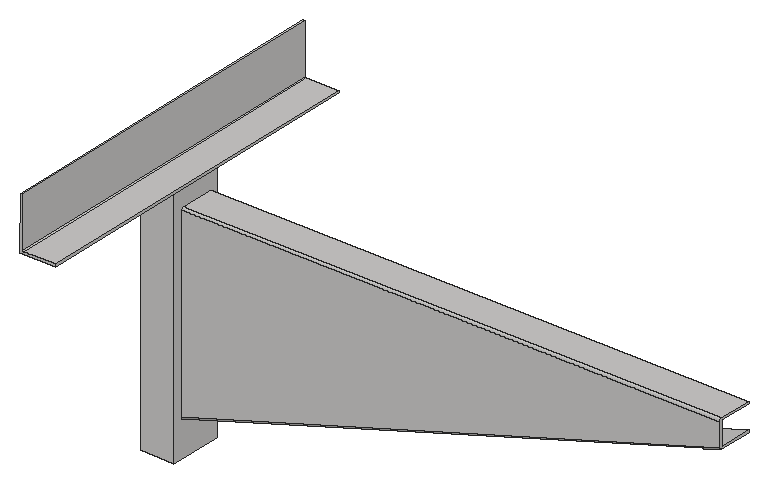
Revit family "E_Cable Tray Support_MEPcontent_OBO Bettermann_Bracket AWSS FT", category Cable Tray Fittings, Revit 2015
Parameters (values of type "AWSS 61 FT")
  Wholesaler Art. No. = ""
  Wholesaler = ""
  Watermarked By = "www.stabiplan.com"
  Width 1 = 610.00 mm
  Width = Width 1  # 610 mm
  URL = "www.stabiplan.com"
  built-in parameter 1140111 [instance] = 2.50 mm  # 0.0082021 (stored number, unit not read)
  Stabu Code = ""
  Revit Version = "2015"  # constant formula
  MEPcontent Class = "CABLE_TRAY_SUPPORT"  # constant formula
  Internal Art. No. = ""
  IFCExportType = "NOTDEFINED"  # constant formula
  IFCExportAs = "IfcCableCarrierFittingType"  # constant formula
  Function Code [instance] = ""
  Front Height = Height / 3  # 111.667 mm
  Family Version = "10.14"  # constant formula
  ETIM Article Class = "EC000022"  # constant formula
  EMCS Version = "2.0"  # constant formula
  Copyright = "© Stabiplan International BV"  # constant formula
  Content Supplier URL = ""
  CB-NL Class = ""
  Article Type = if(and(Width = 610.00 mm, Height = 335.00 mm), "AWSS 61 FT", "Unknown")  # "AWSS 61 FT"
  Product Line = "OBO BETTERMANN CableTrays"  # constant formula
  Model = if(and(Width = 610.00 mm, Height = 335.00 mm), "AWSS 61 FT", "Unknown")  # "AWSS 61 FT"
  Manufacturer = "OBO BETTERMANN"  # constant formula
  Custom [instance] = if(and(Width = 610.00 mm, Height = 335.00 mm), 1 = 0, 1 = 1)  # no
  Height 1 = 335.00 mm
  Height = Height 1  # 335 mm
  GTIN = if(and(Width = 610.00 mm, Height = 335.00 mm), "4012196340514", "Unknown")  # "4012196340514"
  Description = "Wall Bracket"
  Depth = 400.00 mm
  Manufacturer URL = "http://catalog4.obo-bettermann.com/catalogue/catalogue.do?forward=showProductGroup&act=showIO&favOid=kts_96430&action=showManyProducts&lang=nl&OID=kts_96430&catId="
  Gray = Color RGB 189-187-185
  Manufacturer Art. No. = if(and(Width = 610.00 mm, Height = 335.00 mm), "6417922", "Unknown")  # "6417922"
  Article Description = "Wall Bracket"
Reference planes
  plane 1 "Center (Front/Back)": y = 0
  plane 2: z = 0
  plane 3 "Center (Left/Right)": x = 0
  plane 4: y = 200
  plane 5: y = -200
  plane 6: x = 648
  plane 7: x = 38
  plane 8: z = 167.5
  plane 9: z = -167.5
  plane 10: z = -127.5
  plane 11: z = 55.833
  plane 12: z = 107.5
  plane 13: z = 87.5
Forms (mm)
  Extrusion 1, solid, material "Color RGB 189-187-185" <- "Gray", detail levels medium+fine
    sketch origin (0, 0, 0) x (0, 1, 0) y (0, 0, 1)
      loop
        line (30, 107.5) -> (-30, 107.5) -> (-30, -167.5) -> (30, -167.5) -> (30, 107.5)
    from 0 to 38
  SweptBlend 2, solid, material "Color RGB 189-187-185" <- "Gray", detail levels medium+fine
    path origin (0, 0, 0) x (1, 0, 0) y (0, 0, 1)
      loop
        line (38, 0) -> (648, 0)
    profile origin (38, 0, 0) x (0, 0, 1) y (0, -1, 0)
      loop
        line (-127.5, -20) -> (-125, -20) -> (-125, 17.5) -> (85, 17.5) -> (85, -20) -> (87.5, -20) -> (87.5, 17.5)
        arc (87.5, 17.5) -> (86.768, 19.268) -> (85, 20) r 2.5
        line (85, 20) -> (-125, 20)
        arc (-125, 20) -> (-126.768, 19.268) -> (-127.5, 17.5) r 2.5
        line (-127.5, 17.5) -> (-127.5, -20)
    end profile origin (648, 0, 0) x (0, 0, 1) y (0, -1, 0)
      loop
        line (55.833, -20) -> (58.333, -20) -> (58.333, 17.5) -> (85, 17.5) -> (85, -20) -> (87.5, -20) -> (87.5, 17.5)
        arc (87.5, 17.5) -> (86.768, 19.268) -> (85, 20) r 2.5
        line (85, 20) -> (58.333, 20)
        arc (58.333, 20) -> (56.566, 19.268) -> (55.833, 17.5) r 2.5
        line (55.833, 17.5) -> (55.833, -20)
  Extrusion 3, solid, material "Color RGB 189-187-185" <- "Gray", detail levels medium+fine
    sketch origin (0, 0, 0) x (1, 0, 0) y (0, 0, 1)
      loop
        line (0, 167.5) -> (0, 107.5) -> (40, 107.5) -> (40, 110) -> (3.5, 110)
        arc (3.5, 110) -> (2.793, 110.293) -> (2.5, 111) r 1
        line (2.5, 111) -> (2.5, 167.5) -> (0, 167.5)
    from -200 to 200
Lines and regions (mm)
  model lines, style "Fittings", detail levels coarse
    curve 1: line (0, 0, 87.5) -> (648, 0, 87.5)
    curve 2: line (0, 0, 87.5) -> (0, 0, -167.5)
Dimensions and locks
  equal spacing: plane 4, plane 1 "Center (Front/Back)", plane 5
  "Depth": plane 4 to plane 5
  "Height": plane 8 to plane 9
  equal spacing: plane 8, level, plane 9
  locked: plane 10 to plane 9 at 40
  locked: SweptBlend 2 sketch curve to plane 10 at 2.5
  "Front Height": plane 8 to plane 11
  locked: SweptBlend 2 sketch curve to plane 11 at 2.5
  locked: SweptBlend 2 sketch curve to SweptBlend 2 sketch curve at 2.5  (x4)
  locked: plane 8 to SweptBlend 2 sketch curve at 80  (x2)
  locked: plane 4 to SweptBlend 2 sketch curve at 180  (x4)
  locked: SweptBlend 2 sketch curve to plane 5 at 180  (x2)
  locked: plane 7 to plane 3 "Center (Left/Right)" at 38
  "Width": plane 6 to plane 7
  locked: plane 1 "Center (Front/Back)" to Extrusion 1 sketch curve at 30
  locked: Extrusion 1 sketch curve to plane 1 "Center (Front/Back)" at 30
  locked: plane 8 to plane 12 at 60
  locked: plane 8 to plane 13 at 80
  radius of SweptBlend 2 sketch curve = 2.50 mm  (x4)
  aligned and locked: level to plane 2
  aligned and locked: Extrusion 1 sketch curve to plane 9
  aligned and locked: plane 7 to Extrusion 1
  aligned and locked: plane 6 to SweptBlend 2 sketch curve
  aligned and locked: SweptBlend 2 sketch curve to plane 2
  aligned and locked: plane 10 to SweptBlend 2 sketch curve
  aligned and locked: plane 7 to SweptBlend 2 sketch curve
  aligned and locked: Extrusion 1 sketch curve to plane 12
  aligned and locked: Extrusion 3 to plane 4
  aligned and locked: Extrusion 3 to plane 5
  aligned and locked: plane 13 to curve 2
  aligned and locked: plane 9 to curve 2
Automatic sketch dimensions
  Extrusion 3 sketch curve to plane 3 "Center (Left/Right)" = 0.00 mm
  Extrusion 3 sketch curve to plane 8 = 0.00 mm
  plane 3 "Center (Left/Right)" to Extrusion 3 sketch curve = 2.50 mm
  Extrusion 3 sketch curve to Extrusion 3 sketch curve = 1.00 mm
  Extrusion 3 sketch curve to plane 8 = 56.50 mm
  Extrusion 3 sketch curve to Extrusion 3 sketch curve = 2.50 mm
  plane 7 to Extrusion 3 sketch curve = 2.00 mm
  curve 1 to plane 3 "Center (Left/Right)" = 0.00 mm
  curve 1 to plane 6 = 0.00 mm
  SweptBlend 2 sketch curve to plane 11 = 0.00 mm
